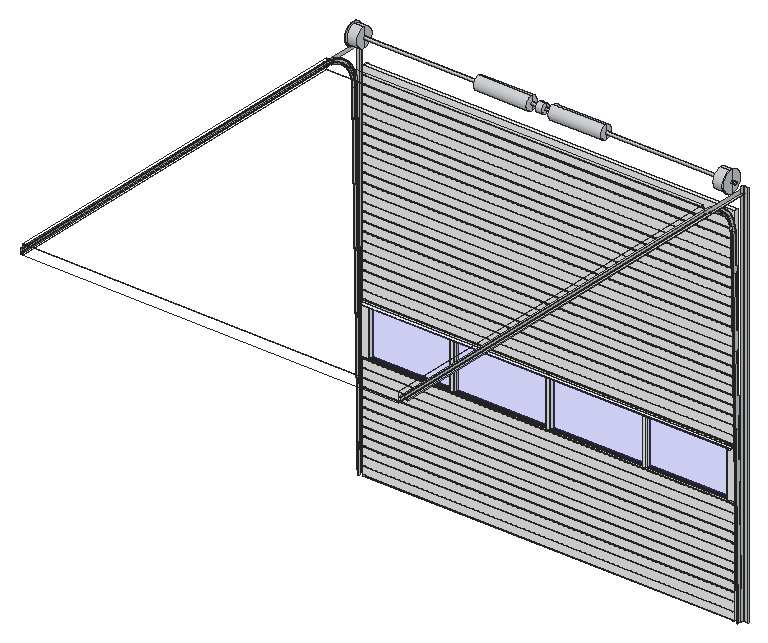
Revit family
Parameters (values of type "By Type")
  Windload = "Doors available rated for various design pressures; consult Clopay for avaialbility and specifications"
  VisSection6 = NumSections = 6  # no
  VisSection5 = NumSections > 4  # yes
  VisSection4 = NumSections > 3  # yes
  VisSection3 = NumSections > 2  # yes
  VisArray = NumSections > 6  # yes
  URL = "www.clopaydoor.com"
  Track Type = Track - Standard Lift : 15" Radius
  Track = "Galvanized steel (gauge varies according to door size)"
  Thickness = 0' - 2"  # constant formula
  Spec Wizard = "http://www.arcat.com/specwizard/08360clo/index.htm"
  Section Height = Height / NumSections  # 2' - 0"
  Section 5 Glazing = Section : Solid
  Section 4 Glazing = Section : Solid
  Section 3 Glazing = Full Vision Section : Intermediate
  Sales Information = "http://www.clopaydoor.com/where-to-buy.aspx?type=dealer"
  Rough Width = 0' - 0"  # constant formula
  Rough Height = 0' - 0"  # constant formula
  Roof Pitch = 0
  R-Value = "17.2"
  Product Features and Benefits = "http://www.clopaydoor.com/insulated-polyurethane-applications.aspx"
  Overlapping Jamb = yes
  Overlap = if(Overlapping Jamb, 0' 1", 0' 0")  # 0' - 1"
  Opening Width = 14' - 0"
  Opening Height = 14' - 0"
  Opener - Jackshaft Right Side = no
  Opener - Trolley = no
  Opener - Jackshaft Left Side = no
  Omniclass Table = "23-30 10 17 37 "
  NumSectionsNotRounded = Height / 2' 0"  # 7
  NumSections = NumSectionsNotRounded + 0.4999  # 7
  NumArraySections = if(NumSections > 6, NumSections - 5, 2)  # 2
  Model = "3720"
  Maximum Size = "Maximum 32' 2'' wide by 26' 0'' high. Additional limitations may apply do to door weight. Consult Clopay for specificiations and shop drawings."  # constant formula
  Manufacturer Website = "http://www.clopaydoor.com"
  Manufacturer Phone Number = "1-800-526-4301"
  Manufacturer Address = "1400 W. Market St., Troy, OH 45373"
  Manufacturer = "Clopay Building Products Company"
  LEED = "http://products.construction.com/swts_content_files/151607/303186.pdf"
  Keynote = "08 36 13"
  Interior Steel = "28 ga. galvanized, primed, and finish painted"
  High Lift = 4' - 0"
  Hardware = "14 ga. min. steel hinges; 10-ball steel rollers"
  GreenFormat = "http://www.greenformat.com/products/1536-Polyurethane%20Insulated%20Doors.rtf"
  Function = (empty or 0)
  Height = Opening Height + Rough Width * 0  # 14' - 0"
  Wall Closure = (empty or 0)
  Width = Opening Width + Rough Width * 0  # 14' - 0"
  FloorToSection7 = 6 * Section Height  # 12' - 0"
  FloorToSection6 = 5 * Section Height  # 10' - 0"
  FloorToSection5 = 4 * Section Height  # 8' - 0"
  FloorToSection4 = 3 * Section Height  # 6' - 0"
  FloorToSection3 = 2 * Section Height  # 4' - 0"
  FloorToSection2 = Section Height  # 2' - 0"
  File Revision = "02 (August, 2012)"
  Exterior Steel = "24 ga. galvanized, primed, and finish painted"
  Double Torsion Shaft = no
  Double End Stiles = Door Width > 14' 2"  # no
  Door Width = Opening Width + Overlap * 2  # 14' - 2"
  Door Height = Opening Height + Rough Width * 0  # 14' - 0"
  Description = "2'' thick polyurethane insulated, stucco embossed 24 gauge steel exterior with light ribbed pattern."
  Core Material = "Expanded polyurethane"
  Copyright = "2013, Clopay Building Products Company, Inc."
  Color = White
  CAD and Specifications = "http://www.clopaydoor.com/insulated-polyurethane-specs.aspx"
  Assembly Code = "B2030410"
Reference planes (in)
  plane 1 "Center (Front/Back)": y = 0
  plane 2 "Center (Left/Right)": x = 0
  plane 3 "Left": x = -84
  plane 4 "Right": x = 84
  plane 5 "Top": z = 168
  plane 6 "Exterior": y = 3
  plane 7 "Interior": y = -3
  plane 8: z = 120
  plane 9: z = 144
Lines and regions (in)
  Opening 1
    outline origin (-90, -3, 0) x (1, 0, 0) y (0, 0, 1)
      loop
        line (6, 0) -> (174, 0) -> (174, 168) -> (6, 168) -> (6, 0)
Text (in)
  text "Exterior" at (-74.96733, 27.31104, 0), in view "Ref. Level"
  text "Interior" at (-74.96733, -25.14366, 0), in view "Ref. Level"
  text "Exterior" at (0, 40.15149, 123.01588), in view "Right"
  text "Interior" at (0, -64.39139, 123.01588), in view "Right"
  text "Interior" at (0, -31.01599, 123.00693), in view "Left"
  text "Exterior" at (0, 54.57065, 123.00693), in view "Left"
Dimensions and locks (in)
  equal spacing: plane 3 "Left", plane 2 "Center (Left/Right)", plane 4 "Right"
  "Height": level to plane 5 "Top"
  "Width": plane 3 "Left" to plane 4 "Right"
  host wall to plane 5 "Top" = 14' - 0"
  nested 1 to plane 7 "Interior" = 0' - 0 1/2"
  "FloorToSection6": plane 8 to level
  "FloorToSection7": plane 9 to level
  group 1 to group 2 = 0' - 0"  (x2)
  group 1 to group 2 = 2' - 0"
  host wall to host wall = 67' - 6"
  aligned and locked: plane 3 "Left" to Opening 1 sketch curve
  aligned and locked: plane 5 "Top" to Opening 1 sketch curve
  aligned and locked: Opening 1 sketch curve to plane 5 "Top"
  aligned and locked: Opening 1 sketch curve to plane 4 "Right"
  aligned and locked: Opening 1 sketch curve to level
  aligned and locked: plane 6 "Exterior" to host wall
  aligned and locked: host wall to plane 7 "Interior"
  aligned and locked: plane 2 "Center (Left/Right)" to nested 2
  aligned and locked: plane 2 "Center (Left/Right)" to nested 3
  aligned and locked: plane 2 "Center (Left/Right)" to nested 4
  aligned and locked: plane 2 "Center (Left/Right)" to nested 5
  aligned and locked: plane 2 "Center (Left/Right)" to nested 7
  aligned and locked: nested 7 to plane 8
  aligned and locked: nested 8 to plane 9
  aligned and locked: plane 7 "Interior" to nested 2
  aligned and locked: plane 7 "Interior" to nested 7
  aligned and locked: host wall to nested 8
  aligned and locked: plane 7 "Interior" to nested 3
  aligned and locked: host wall to nested 3
  aligned and locked: plane 7 "Interior" to nested 1
  aligned and locked: nested 2 to host wall
  aligned and locked: plane 7 "Interior" to nested 6
  aligned and locked: plane 7 "Interior" to nested 5
  aligned and locked: host wall to nested 7
  aligned and locked: plane 7 "Interior" to nested 4
  aligned and locked: nested 11 to plane 2 "Center (Left/Right)"
Nested families (in)
  nested 1: "Section" at (0, 0, 0), type "Solid"
    with X9 0' - 7 1/2", X8 0' - 7 1/2", X7 0' - 7 1/2", X6 0' - 7 1/2", X5 0' - 7 1/2", X4 11' - 7 1/2", X3 7' - 11 1/2", X2 4' - 3 1/2", NumWindows 4, NumArrayedWindows 4, Half Door Width Neg -7' - 1", Half Door Width 7' - 1", X1 0' - 7 1/2", Door Width 14' - 2"
  nested 2: "Section" at (0, 0, 24), built-in parameter 1001364 <- "Section Height", type "Solid"
    with X9 0' - 7 1/2", X8 0' - 7 1/2", X7 0' - 7 1/2", X6 0' - 7 1/2", X5 0' - 7 1/2", X4 11' - 7 1/2", X3 7' - 11 1/2", X2 4' - 3 1/2", NumWindows 4, NumArrayedWindows 4, Half Door Width Neg -7' - 1", Half Door Width 7' - 1", X1 0' - 7 1/2", Door Width 14' - 2"
  nested 3: "Full Vision Section" at (0, 0, 48), type <- "Section 3 Glazing", built-in parameter 1001364 <- "FloorToSection3", visible <- "VisSection3", type "Intermediate"
    with SingleStileVis no, Rail Width 14' - 1 13/16", NumIntStiles 3, Half Rail Width 7' - 0 29/32", Half Door Width 7' - 1", Glass Width 14' - 0 13/16", Edge to 1st Int Stile 3' - 5", Door Width 14' - 2", ArrayStileVis yes, ArrayIntStiles 3
  nested 4: "Section" at (0, 0, 120), built-in parameter 1001364 <- "FloorToSection6", visible <- "VisSection6", type "Solid"
    with X9 0' - 7 1/2", X8 0' - 7 1/2", X7 0' - 7 1/2", X6 0' - 7 1/2", X5 0' - 7 1/2", X4 11' - 7 1/2", X3 7' - 11 1/2", X2 4' - 3 1/2", NumWindows 4, NumArrayedWindows 4, Half Door Width Neg -7' - 1", Half Door Width 7' - 1", X1 0' - 7 1/2", Door Width 14' - 2"
  nested 5: "Section" at (0, 0, 96), built-in parameter 1001364 <- "FloorToSection5", type <- "Section 5 Glazing", visible <- "VisSection5", type "Solid"
    with X9 0' - 7 1/2", X8 0' - 7 1/2", X7 0' - 7 1/2", X6 0' - 7 1/2", X5 0' - 7 1/2", X4 11' - 7 1/2", X3 7' - 11 1/2", X2 4' - 3 1/2", NumWindows 4, NumArrayedWindows 4, Half Door Width Neg -7' - 1", Half Door Width 7' - 1", X1 0' - 7 1/2", Door Width 14' - 2"
  nested 6: "Section" at (0, 0, 72), type <- "Section 4 Glazing", built-in parameter 1001364 <- "FloorToSection4", visible <- "VisSection4", type "Solid"
    with X9 0' - 7 1/2", X8 0' - 7 1/2", X7 0' - 7 1/2", X6 0' - 7 1/2", X5 0' - 7 1/2", X4 11' - 7 1/2", X3 7' - 11 1/2", X2 4' - 3 1/2", NumWindows 4, NumArrayedWindows 4, Half Door Width Neg -7' - 1", Half Door Width 7' - 1", X1 0' - 7 1/2", Door Width 14' - 2"
  nested 7: "Section" at (0, 0, 120), visible <- "VisArray", type "Solid"
    with X9 0' - 7 1/2", X8 0' - 7 1/2", X7 0' - 7 1/2", X6 0' - 7 1/2", X5 0' - 7 1/2", X4 11' - 7 1/2", X3 7' - 11 1/2", X2 4' - 3 1/2", NumWindows 4, NumArrayedWindows 4, Half Door Width Neg -7' - 1", Half Door Width 7' - 1", X1 0' - 7 1/2", Door Width 14' - 2"
  nested 8: "Section" at (0, 0, 144), visible <- "VisArray", type "Solid"
    with X9 0' - 7 1/2", X8 0' - 7 1/2", X7 0' - 7 1/2", X6 0' - 7 1/2", X5 0' - 7 1/2", X4 11' - 7 1/2", X3 7' - 11 1/2", X2 4' - 3 1/2", NumWindows 4, NumArrayedWindows 4, Half Door Width Neg -7' - 1", Half Door Width 7' - 1", X1 0' - 7 1/2", Door Width 14' - 2"
  nested 9: "Section" at (0, 4.67704, 636.93806), type "Windows - 24x8", not visible
    with X9 0' - 7 1/2", X8 0' - 7 1/2", X7 0' - 7 1/2", X6 0' - 7 1/2", X5 0' - 7 1/2", X4 11' - 7 1/2", X3 7' - 11 1/2", X2 4' - 3 1/2", NumWindows 4, NumArrayedWindows 4, Half Door Width Neg -7' - 1", Half Door Width 7' - 1", X1 0' - 7 1/2", Door Width 14' - 2"
  nested 10: "Section" at (0, 4.63986, 609.3176), type "Windows - 24x12", not visible
    with X9 0' - 7 1/2", X8 0' - 7 1/2", X7 0' - 7 1/2", X6 0' - 7 1/2", X5 0' - 7 1/2", X4 11' - 7 1/2", X3 7' - 11 1/2", X2 4' - 3 1/2", WindowSpacing 3' - 8", NumWindows 4, NumArrayedWindows 4, Half Door Width Neg -7' - 1", Half Door Width 7' - 1", X1 0' - 7 1/2", Door Width 14' - 2"
  nested 11: "Track - Standard Lift" at (0, 0, 0) x (-1, 0, 0) z (0, 0, 1), type <- "Track Type", type "15" Radius"
    with WallToRadiusCenter 1' - 9.33333", VerticalAngleLength 14' - 10", Vertical Track Length 13' - 4", TrackToTrack 14' - 4", Roof Pitch Deg 0.00°, Roof Pitch 0, HorizontalAngleLength -16' - 2.33333", Horizontal Track Length 14' - 6", FloorToTrolleyRail 15' - 8", FloorToShaftCL 15' - 2", FloorToJackShaft 15' - 5", Double Torsion Shaft no, Door Width 14' - 2", Door Height 14' - 0", CenterToLHTrack 7' - 2", HorizontalTrackAngle 90.00°, CenterToRHTrack -7' - 2", CenterToJackShaft 7' - 6"
Definition of nested family "Section"
  Parameters (values of type "Windows - 24x12")
    X9 = if(if(NumArrayedWindows < NumWindows, NumArrayedWindows + 1, NumWindows) < 9, X1, X8 + WindowSpacing)  # 0' - 4 1/2"
    X8 = if(if(NumArrayedWindows < NumWindows, NumArrayedWindows + 1, NumWindows) < 8, X1, X7 + WindowSpacing)  # 0' - 4 1/2"
    X7 = if(if(NumArrayedWindows < NumWindows, NumArrayedWindows + 1, NumWindows) < 7, X1, X6 + WindowSpacing)  # 0' - 4 1/2"
    X6 = if(if(NumArrayedWindows < NumWindows, NumArrayedWindows + 1, NumWindows) < 6, X1, X5 + WindowSpacing)  # 0' - 4 1/2"
    X5 = if(if(NumArrayedWindows < NumWindows, NumArrayedWindows + 1, NumWindows) < 5, X1, X4 + WindowSpacing)  # 0' - 4 1/2"
    X4 = if(if(NumArrayedWindows < NumWindows, NumArrayedWindows + 1, NumWindows) < 4, X1, X3 + WindowSpacing)  # 0' - 4 1/2"
    X3 = if(NumWindows < 3, X1, X2 + WindowSpacing)  # 7' - 0 1/2"
    X2 = if(NumWindows < 2, ((Door Width - (NumWindows - 1) * WindowSpacing) / 2 - Cutout Width / 2), ((Door Width - (NumWindows - 1) * WindowSpacing) / 2 - Cutout Width / 2) + WindowSpacing)  # 3' - 8 1/2"
    Windows = 37xx Window Array : 24x12
    WindowVis = yes
    WindowSpacing = if(and(Door Width < 10' 0", Door Width > 9' 2"), 3' 4", 3' 8")  # 3' - 4"
    WindowCutDepth = 0' - 2"
    Section Height = 2' - 0"
    RibSpacing = Section Height / (NumRibs + 1)  # 0' - 4"
    NumWindows = if(Door Width < 9' 4", 2, if(Door Width < 13' 4", 3, if(Door Width < 16' 4", 4, if(Door Width < 20' 4", 5, if(Door Width < 24' 4", 6, if(Door Width < 26' 4", 7, if(Door Width < 31' 8", 8, 10)))))))  # 3
    NumRibs = if(Section Height < 1' 9", 3, if(Section Height < 2' 0", 4, 5))  # 5
    NumArrayedWindows = if(X2 = X1, NumWindows - 2, NumWindows)  # 3
    Half Section Height = Section Height / 2  # 1' - 0"
    Half Door Width Neg = -Half Door Width  # -4' - 8"
    Half Door Width = Door Width / 2  # 4' - 8"
    Half Cutout Height = Cutout Height / 2  # 0' - 5 1/2"
    Function = (empty or 0)
    Height = 0' - 0"
    Wall Closure = (empty or 0)
    Width = 0' - 0"
    X1 = if(or(Door Width > 31' 6", and(Door Width > 26' 2", Door Width < 28' 1"), Door Width = 24' 3", Door Width = 24' 4", and(Door Width > 20' 2", Door Width < 20' 11"), and(Door Width > 16' 2", Door Width < 17' 3")), X2, (Door Width - (NumWindows - 1) * WindowSpacing) / 2 - Cutout Width / 2)  # 0' - 4 1/2"
    Door Width = 9' - 4"
    CutoutToCutout = 1' - 0"
    Cutout Width = 1' - 11"
    Cutout Height = 0' - 11"
    Color = White
    BtmTo1stRib = RibSpacing  # 0' - 4"
    Assembly Code = ""
  Types (3): name | X7 | X6 | X5 | X4 | X3 | X2 | Windows | WindowVis | WindowSpacing | WindowCutDepth | NumWindows | NumArrayedWindows | Half Door Width Neg | Half Door Width | Half Cutout Height | Door Width | Cutout Height
    Windows - 24x12 | 0' - 4 1/2" | 0' - 4 1/2" | 0' - 4 1/2" | 0' - 4 1/2" | 7' - 0 1/2" | 3' - 8 1/2" | 37xx Window Array : 24x12 | yes | 3' - 4" | 0' - 2" | 3 | 3 | -4' - 8" | 4' - 8" | 0' - 5 1/2" | 9' - 4" | 0' - 11"
    Windows - 24x8 | 22' - 4 1/2" | 18' - 8 1/2" | 15' - 0 1/2" | 11' - 4 1/2" | 7' - 8 1/2" | 4' - 0 1/2" | 37xx Window Array : 24x8 | yes | 3' - 8" | 0' - 2" | 7 | 7 | -12' - 4" | 12' - 4" | 0' - 3 1/2" | 24' - 8" | 0' - 7"
    Solid | 22' - 4 1/2" | 18' - 8 1/2" | 15' - 0 1/2" | 11' - 4 1/2" | 7' - 8 1/2" | 4' - 0 1/2" | 37xx Window Array : 24x8 | no | 3' - 8" | -0' - 0 13/128" | 7 | 7 | -12' - 4" | 12' - 4" | 0' - 3 1/2" | 24' - 8" | 0' - 7"
  Reference planes (in)
    plane 1 "Center (Front/Back)": y = 0
    plane 2 "Center (Left/Right)": x = 0
    plane 3 "Exterior": y = 3
    plane 4 "Interior": y = -3
    plane 5: y = -3.5
    plane 6: x = 56
    plane 7: x = -56
    plane 8: z = 4
    plane 9: z = 8
    plane 10: z = 24
    plane 11: z = 12
    plane 12: z = 0
  Forms (in)
    Extrusion 1, solid, material "White" <- "Color"
      sketch origin (-56, -12, 83.08252) x (0, 0, 1) y (0, -1, 0)
        loop
          line (-59.08252, -8.37573) -> (-59.08252, -6.62444)
          arc (-59.08252, -6.62444) -> (-59.11897, -6.53645) -> (-59.20696, -6.5) r 0.12444
          line (-59.20696, -6.5) -> (-82.95809, -6.5)
          arc (-82.95809, -6.5) -> (-83.04608, -6.53645) -> (-83.08252, -6.62444) r 0.12444
          line (-83.08252, -6.62444) -> (-83.08252, -8.37573)
          arc (-83.08252, -8.37573) -> (-83.04612, -8.4636) -> (-82.95825, -8.5) r 0.12427
          line (-82.95825, -8.5) -> (-59.20679, -8.5)
          arc (-59.20679, -8.5) -> (-59.11892, -8.4636) -> (-59.08252, -8.37573) r 0.12427
      from 0 to 112 <- "Door Width"
    Extrusion 2, void
      sketch origin (0, 0, -0.5) x (0, -1, 0) y (0, 0, 1)
        loop
          line (3.5, 4.62727) -> (3.5, 4.37273) -> (3.53032, 4.41942)
          arc (3.53032, 4.41942) -> (3.53753, 4.43506) -> (3.54, 4.4521) r 0.06
          line (3.54, 4.4521) -> (3.54, 4.5479)
          arc (3.54, 4.5479) -> (3.53753, 4.56494) -> (3.53032, 4.58058) r 0.06
          line (3.53032, 4.58058) -> (3.5, 4.62727)
      from -56 <- "Half Door Width Neg" to 112 <- "Door Width"
    Extrusion 3, void
      sketch origin (0, 0, 3.5) x (0, -1, 0) y (0, 0, 1)
        loop
          line (3.5, 4.62727) -> (3.5, 4.37273) -> (3.53032, 4.41942)
          arc (3.53032, 4.41942) -> (3.53753, 4.43506) -> (3.54, 4.4521) r 0.06
          line (3.54, 4.4521) -> (3.54, 4.5479)
          arc (3.54, 4.5479) -> (3.53753, 4.56494) -> (3.53032, 4.58058) r 0.06
          line (3.53032, 4.58058) -> (3.5, 4.62727)
      from -56 <- "Half Door Width Neg" to 112 <- "Door Width"
    Extrusion 4, void
      sketch origin (0, 0, 7.5) x (0, -1, 0) y (0, 0, 1)
        loop
          line (3.5, 4.62727) -> (3.5, 4.37273) -> (3.53032, 4.41942)
          arc (3.53032, 4.41942) -> (3.53753, 4.43506) -> (3.54, 4.4521) r 0.06
          line (3.54, 4.4521) -> (3.54, 4.5479)
          arc (3.54, 4.5479) -> (3.53753, 4.56494) -> (3.53032, 4.58058) r 0.06
          line (3.53032, 4.58058) -> (3.5, 4.62727)
      from -56 <- "Half Door Width Neg" to 112 <- "Door Width"
    Extrusion 5, void
      sketch origin (0, -8.99984, -0.5) x (0, 1, 0) y (0, 0, -1)
        loop
          line (3.5, -4.62727) -> (3.53032, -4.58058)
          arc (3.53032, -4.58058) -> (3.53753, -4.56494) -> (3.54, -4.5479) r 0.06
          line (3.54, -4.5479) -> (3.54, -4.4521)
          arc (3.54, -4.4521) -> (3.53753, -4.43506) -> (3.53032, -4.41942) r 0.06
          line (3.53032, -4.41942) -> (3.5, -4.37273) -> (3.5, -4.62727)
      from -56 <- "Half Door Width Neg" to 112 <- "Door Width"
    Extrusion 6, void
      sketch origin (0, -8.99984, 3.5) x (0, 1, 0) y (0, 0, -1)
        loop
          line (3.5, -4.62727) -> (3.53032, -4.58058)
          arc (3.53032, -4.58058) -> (3.53753, -4.56494) -> (3.54, -4.5479) r 0.06
          line (3.54, -4.5479) -> (3.54, -4.4521)
          arc (3.54, -4.4521) -> (3.53753, -4.43506) -> (3.53032, -4.41942) r 0.06
          line (3.53032, -4.41942) -> (3.5, -4.37273) -> (3.5, -4.62727)
      from -56 <- "Half Door Width Neg" to 112 <- "Door Width"
    Extrusion 7, void
      sketch origin (0, -8.99984, 7.5) x (0, 1, 0) y (0, 0, -1)
        loop
          line (3.5, -4.62727) -> (3.53032, -4.58058)
          arc (3.53032, -4.58058) -> (3.53753, -4.56494) -> (3.54, -4.5479) r 0.06
          line (3.54, -4.5479) -> (3.54, -4.4521)
          arc (3.54, -4.4521) -> (3.53753, -4.43506) -> (3.53032, -4.41942) r 0.06
          line (3.53032, -4.41942) -> (3.5, -4.37273) -> (3.5, -4.62727)
      from -56 <- "Half Door Width Neg" to 112 <- "Door Width"
    Extrusion 8, void
      sketch origin (-98.15385, -3.5, 48) x (1, 0, 0) y (0, 0, 1)
        loop
          line (149.65385, -30.5) -> (126.65385, -30.5) -> (126.65385, -36) -> (149.65385, -36) -> (149.65385, -30.5)
      from 0 to 2 <- "WindowCutDepth"
    Extrusion 9, void
      sketch origin (-98.15385, -3.5, -24) x (1, 0, 0) y (0, 0, 1)
        loop
          line (149.65385, 30.5) -> (149.65385, 36) -> (126.65385, 36) -> (126.65385, 30.5) -> (149.65385, 30.5)
      from 0 to 2 <- "WindowCutDepth"
    Extrusion 10, void
      sketch origin (-136.15385, -3.5, 48) x (1, 0, 0) y (0, 0, 1)
        loop
          line (147.65385, -30.5) -> (124.65385, -30.5) -> (124.65385, -36) -> (147.65385, -36) -> (147.65385, -30.5)
      from 0 to 2 <- "WindowCutDepth"
    Extrusion 11, void
      sketch origin (-136.15385, -3.5, -24) x (1, 0, 0) y (0, 0, 1)
        loop
          line (147.65385, 30.5) -> (147.65385, 36) -> (124.65385, 36) -> (124.65385, 30.5) -> (147.65385, 30.5)
      from 0 to 2 <- "WindowCutDepth"
    Extrusion 12, void
      sketch origin (-171.15385, -3.5, 48) x (1, 0, 0) y (0, 0, 1)
        loop
          line (142.65385, -30.5) -> (119.65385, -30.5) -> (119.65385, -36) -> (142.65385, -36) -> (142.65385, -30.5)
      from 0 to 2 <- "WindowCutDepth"
    Extrusion 13, void
      sketch origin (-171.15385, -3.5, -24) x (1, 0, 0) y (0, 0, 1)
        loop
          line (142.65385, 30.5) -> (142.65385, 36) -> (119.65385, 36) -> (119.65385, 30.5) -> (142.65385, 30.5)
      from 0 to 2 <- "WindowCutDepth"
    Extrusion 14, void
      sketch origin (-214.15385, -3.5, 48) x (1, 0, 0) y (0, 0, 1)
        loop
          line (265.65385, -30.5) -> (242.65385, -30.5) -> (242.65385, -36) -> (265.65385, -36) -> (265.65385, -30.5)
      from 0 to 2 <- "WindowCutDepth"
    Extrusion 15, void
      sketch origin (-214.15385, -3.5, -24) x (1, 0, 0) y (0, 0, 1)
        loop
          line (265.65385, 30.5) -> (265.65385, 36) -> (242.65385, 36) -> (242.65385, 30.5) -> (265.65385, 30.5)
      from 0 to 2 <- "WindowCutDepth"
    Extrusion 16, void
      sketch origin (-256.15385, -3.5, 48) x (1, 0, 0) y (0, 0, 1)
        loop
          line (307.65385, -30.5) -> (284.65385, -30.5) -> (284.65385, -36) -> (307.65385, -36) -> (307.65385, -30.5)
      from 0 to 2 <- "WindowCutDepth"
    Extrusion 17, void
      sketch origin (-256.15385, -3.5, -24) x (1, 0, 0) y (0, 0, 1)
        loop
          line (307.65385, 30.5) -> (307.65385, 36) -> (284.65385, 36) -> (284.65385, 30.5) -> (307.65385, 30.5)
      from 0 to 2 <- "WindowCutDepth"
    Extrusion 18, void
      sketch origin (-294.15385, -3.5, 48) x (1, 0, 0) y (0, 0, 1)
        loop
          line (345.65385, -30.5) -> (322.65385, -30.5) -> (322.65385, -36) -> (345.65385, -36) -> (345.65385, -30.5)
      from 0 to 2 <- "WindowCutDepth"
    Extrusion 19, void
      sketch origin (-294.15385, -3.5, -24) x (1, 0, 0) y (0, 0, 1)
        loop
          line (345.65385, 30.5) -> (345.65385, 36) -> (322.65385, 36) -> (322.65385, 30.5) -> (345.65385, 30.5)
      from 0 to 2 <- "WindowCutDepth"
    Extrusion 20, void
      sketch origin (-331.15385, -3.5, 48) x (1, 0, 0) y (0, 0, 1)
        loop
          line (382.65385, -30.5) -> (359.65385, -30.5) -> (359.65385, -36) -> (382.65385, -36) -> (382.65385, -30.5)
      from 0 to 2 <- "WindowCutDepth"
    Extrusion 21, void
      sketch origin (-331.15385, -3.5, -24) x (1, 0, 0) y (0, 0, 1)
        loop
          line (382.65385, 30.5) -> (382.65385, 36) -> (359.65385, 36) -> (359.65385, 30.5) -> (382.65385, 30.5)
      from 0 to 2 <- "WindowCutDepth"
    Extrusion 22, void
      sketch origin (-368.15385, -3.5, 48) x (1, 0, 0) y (0, 0, 1)
        loop
          line (419.65385, -30.5) -> (396.65385, -30.5) -> (396.65385, -36) -> (419.65385, -36) -> (419.65385, -30.5)
      from 0 to 2 <- "WindowCutDepth"
    Extrusion 23, void
      sketch origin (-368.15385, -3.5, -24) x (1, 0, 0) y (0, 0, 1)
        loop
          line (419.65385, 30.5) -> (419.65385, 36) -> (396.65385, 36) -> (396.65385, 30.5) -> (419.65385, 30.5)
      from 0 to 2 <- "WindowCutDepth"
    Extrusion 24, void
      sketch origin (-407.15385, -3.5, 48) x (1, 0, 0) y (0, 0, 1)
        loop
          line (458.65385, -30.5) -> (435.65385, -30.5) -> (435.65385, -36) -> (458.65385, -36) -> (458.65385, -30.5)
      from 0 to 2 <- "WindowCutDepth"
    Extrusion 25, void
      sketch origin (-407.15385, -3.5, -24) x (1, 0, 0) y (0, 0, 1)
        loop
          line (458.65385, 30.5) -> (458.65385, 36) -> (435.65385, 36) -> (435.65385, 30.5) -> (458.65385, 30.5)
      from 0 to 2 <- "WindowCutDepth"
    Extrusion 26, void
      sketch origin (0, 0, 11.5) x (0, -1, 0) y (0, 0, 1)
        loop
          line (3.5, 4.62727) -> (3.5, 4.37273) -> (3.53032, 4.41942)
          arc (3.53032, 4.41942) -> (3.53753, 4.43506) -> (3.54, 4.4521) r 0.06
          line (3.54, 4.4521) -> (3.54, 4.5479)
          arc (3.54, 4.5479) -> (3.53753, 4.56494) -> (3.53032, 4.58058) r 0.06
          line (3.53032, 4.58058) -> (3.5, 4.62727)
      from -56 <- "Half Door Width Neg" to 112 <- "Door Width"
    Extrusion 27, void
      sketch origin (0, -8.99984, 11.5) x (0, 1, 0) y (0, 0, -1)
        loop
          line (3.5, -4.62727) -> (3.53032, -4.58058)
          arc (3.53032, -4.58058) -> (3.53753, -4.56494) -> (3.54, -4.5479) r 0.06
          line (3.54, -4.5479) -> (3.54, -4.4521)
          arc (3.54, -4.4521) -> (3.53753, -4.43506) -> (3.53032, -4.41942) r 0.06
          line (3.53032, -4.41942) -> (3.5, -4.37273) -> (3.5, -4.62727)
      from -56 <- "Half Door Width Neg" to 112 <- "Door Width"
    Extrusion 28, void
      sketch origin (0, 0, 15.5) x (0, -1, 0) y (0, 0, 1)
        loop
          line (3.5, 4.62727) -> (3.5, 4.37273) -> (3.53032, 4.41942)
          arc (3.53032, 4.41942) -> (3.53753, 4.43506) -> (3.54, 4.4521) r 0.06
          line (3.54, 4.4521) -> (3.54, 4.5479)
          arc (3.54, 4.5479) -> (3.53753, 4.56494) -> (3.53032, 4.58058) r 0.06
          line (3.53032, 4.58058) -> (3.5, 4.62727)
      from -56 <- "Half Door Width Neg" to 112 <- "Door Width"
    Extrusion 29, void
      sketch origin (0, -8.99984, 15.5) x (0, 1, 0) y (0, 0, -1)
        loop
          line (3.5, -4.62727) -> (3.53032, -4.58058)
          arc (3.53032, -4.58058) -> (3.53753, -4.56494) -> (3.54, -4.5479) r 0.06
          line (3.54, -4.5479) -> (3.54, -4.4521)
          arc (3.54, -4.4521) -> (3.53753, -4.43506) -> (3.53032, -4.41942) r 0.06
          line (3.53032, -4.41942) -> (3.5, -4.37273) -> (3.5, -4.62727)
      from -56 <- "Half Door Width Neg" to 112 <- "Door Width"
  Cuts and joins
    Extrusion 2, Extrusion 3, Extrusion 4, Extrusion 5, Extrusion 6, Extrusion 7, Extrusion 8, Extrusion 9, Extrusion 10, Extrusion 11, Extrusion 12, Extrusion 13, Extrusion 14, Extrusion 15, Extrusion 16, Extrusion 17, Extrusion 18, Extrusion 19, Extrusion 20, Extrusion 21, Extrusion 22, Extrusion 23, Extrusion 24, Extrusion 25, Extrusion 26, Extrusion 27, Extrusion 28, Extrusion 29 cuts Extrusion 1
  Lines and regions (in)
    reference lines
      curve 1: line (-72, -3.54, 4) -> (-72, -3.5, 4)
      curve 2: line (-72, -5.45984, 4) -> (-72, -5.49984, 4)
      curve 3: line (-72, -3.54, 8) -> (-72, -3.5, 8)
      curve 4: line (-72, -3.54, 12) -> (-72, -3.5, 12)
      curve 5: line (-72, -5.45984, 4) -> (-72, -5.49984, 4)
      curve 6: line (-72, -5.45984, 8) -> (-72, -5.49984, 8)
      curve 7: line (-72, -5.45984, 12) -> (-72, -5.49984, 12)
      curve 8: line (-72, -3.54, 16) -> (-72, -3.5, 16)
      curve 9: line (-72, -5.45984, 16) -> (-72, -5.49984, 16)
      curve 10: line (-72, -3.54, 20) -> (-72, -3.5, 20)
      curve 11: line (-72, -5.45984, 20) -> (-72, -5.49984, 20)
  Text (in)
    text "Exterior" at (-74.96733, 27.31104, 0), in view "Ref. Level"
    text "Interior" at (-74.96733, -25.14366, 0), in view "Ref. Level"
    text "Exterior" at (0, 40.15149, 123.01588), in view "Right"
    text "Interior" at (0, -64.39139, 123.01588), in view "Right"
    text "Interior" at (0, -31.01599, 123.00693), in view "Left"
    text "Exterior" at (0, 54.57065, 123.00693), in view "Left"
  Dimensions and locks (in)
    plane 4 "Interior" to plane 5 = 0' - 0 1/2"
    "Half Door Width": plane 2 "Center (Left/Right)" to plane 7
    "Half Door Width": plane 6 to plane 2 "Center (Left/Right)"
    Extrusion 1 sketch curve to Extrusion 1 sketch curve = 0' - 2"
    Extrusion 2 sketch curve to Extrusion 2 sketch curve = 0' - 0.25454"
    Extrusion 2 sketch curve to Extrusion 2 sketch curve = 0' - 0.04"  (x2)
    "BtmTo1stRib": plane 8 to level
    curve 1 to Extrusion 2 sketch curve = 0' - 0.12727"
    "RibSpacing": plane 9 to plane 8
    "Section Height": plane 10 to level
    Extrusion 3 sketch curve to Extrusion 3 sketch curve = 0' - 0.25454"
    Extrusion 3 sketch curve to Extrusion 3 sketch curve = 0' - 0.04"  (x2)
    curve 3 to Extrusion 3 sketch curve = 0' - 0.12727"
    equal spacing: group 1, group 2, group 3, group 4, group 5  (x3)
    Extrusion 4 sketch curve to Extrusion 4 sketch curve = 0' - 0.25454"
    Extrusion 4 sketch curve to Extrusion 4 sketch curve = 0' - 0.04"  (x2)
    curve 4 to Extrusion 4 sketch curve = 0' - 0.12727"
    Extrusion 5 sketch curve to Extrusion 5 sketch curve = 0' - 0.25454"
    Extrusion 5 sketch curve to Extrusion 5 sketch curve = 0' - 0.04"  (x2)
    Extrusion 5 sketch curve to curve 5 = 0' - 0.12727"
    Extrusion 6 sketch curve to Extrusion 6 sketch curve = 0' - 0.25454"
    Extrusion 6 sketch curve to Extrusion 6 sketch curve = 0' - 0.04"  (x2)
    Extrusion 6 sketch curve to curve 6 = 0' - 0.12727"
    Extrusion 7 sketch curve to Extrusion 7 sketch curve = 0' - 0.25454"
    Extrusion 7 sketch curve to Extrusion 7 sketch curve = 0' - 0.04"  (x2)
    Extrusion 7 sketch curve to curve 7 = 0' - 0.12727"
    "Half Section Height": level to plane 11
    "Cutout Width": Extrusion 8 sketch curve to Extrusion 8 sketch curve
    "Half Cutout Height": Extrusion 8 sketch curve to Extrusion 8 sketch curve
    "Cutout Width": Extrusion 9 sketch curve to Extrusion 9 sketch curve
    "Half Cutout Height": Extrusion 9 sketch curve to Extrusion 9 sketch curve
    "X1": cut or joined group 1 (Extrusion 1, Extrusion 2, Extrusion 3, Extrusion 4, Extrusion 5, Extrusion 6, Extrusion 7, Extrusion 8, Extrusion 9, Extrusion 10, Extrusion 11, Extrusion 12, Extrusion 13, Extrusion 14, Extrusion 15, Extrusion 16, Extrusion 17, Extrusion 18, Extrusion 19, Extrusion 20, Extrusion 21, Extrusion 22, Extrusion 23, Extrusion 24, Extrusion 25, Extrusion 26, Extrusion 27, Extrusion 28, Extrusion 29) to cut or joined group 1
    "Cutout Width": Extrusion 10 sketch curve to Extrusion 10 sketch curve
    "Half Cutout Height": Extrusion 10 sketch curve to Extrusion 10 sketch curve
    "Cutout Width": Extrusion 11 sketch curve to Extrusion 11 sketch curve
    "Half Cutout Height": Extrusion 11 sketch curve to Extrusion 11 sketch curve
    "Cutout Width": Extrusion 12 sketch curve to Extrusion 12 sketch curve
    "Half Cutout Height": Extrusion 12 sketch curve to Extrusion 12 sketch curve
    "Cutout Width": Extrusion 13 sketch curve to Extrusion 13 sketch curve
    "Half Cutout Height": Extrusion 13 sketch curve to Extrusion 13 sketch curve
    "X2": plane 6 to cut or joined group 1
    "X3": plane 6 to cut or joined group 1
    "Cutout Width": Extrusion 14 sketch curve to Extrusion 14 sketch curve
    "Half Cutout Height": Extrusion 14 sketch curve to Extrusion 14 sketch curve
    "Cutout Width": Extrusion 15 sketch curve to Extrusion 15 sketch curve
    "Half Cutout Height": Extrusion 15 sketch curve to Extrusion 15 sketch curve
    "Cutout Width": Extrusion 16 sketch curve to Extrusion 16 sketch curve
    "Half Cutout Height": Extrusion 16 sketch curve to Extrusion 16 sketch curve
    "Cutout Width": Extrusion 17 sketch curve to Extrusion 17 sketch curve
    "Half Cutout Height": Extrusion 17 sketch curve to Extrusion 17 sketch curve
    "Cutout Width": Extrusion 18 sketch curve to Extrusion 18 sketch curve
    "Half Cutout Height": Extrusion 18 sketch curve to Extrusion 18 sketch curve
    "Cutout Width": Extrusion 19 sketch curve to Extrusion 19 sketch curve
    "Half Cutout Height": Extrusion 19 sketch curve to Extrusion 19 sketch curve
    "Cutout Width": Extrusion 20 sketch curve to Extrusion 20 sketch curve
    "Half Cutout Height": Extrusion 20 sketch curve to Extrusion 20 sketch curve
    "Cutout Width": Extrusion 21 sketch curve to Extrusion 21 sketch curve
    "Half Cutout Height": Extrusion 21 sketch curve to Extrusion 21 sketch curve
    "Cutout Width": Extrusion 22 sketch curve to Extrusion 22 sketch curve
    "Half Cutout Height": Extrusion 22 sketch curve to Extrusion 22 sketch curve
    "Cutout Width": Extrusion 23 sketch curve to Extrusion 23 sketch curve
    "Half Cutout Height": Extrusion 23 sketch curve to Extrusion 23 sketch curve
    "Cutout Width": Extrusion 24 sketch curve to Extrusion 24 sketch curve
    "Half Cutout Height": Extrusion 24 sketch curve to Extrusion 24 sketch curve
    "Cutout Width": Extrusion 25 sketch curve to Extrusion 25 sketch curve
    "Half Cutout Height": Extrusion 25 sketch curve to Extrusion 25 sketch curve
    "X4": plane 6 to cut or joined group 1
    "X5": plane 6 to cut or joined group 1
    "X6": plane 6 to cut or joined group 1
    "X7": plane 6 to cut or joined group 1
    "X8": plane 6 to cut or joined group 1
    "X9": plane 6 to cut or joined group 1
    locked: nested 1 to cut or joined group 1 at 1  (x2)
    locked: nested 1 to cut or joined group 1 at 0.125
    Extrusion 26 sketch curve to Extrusion 26 sketch curve = 0' - 0.25454"
    Extrusion 26 sketch curve to Extrusion 26 sketch curve = 0' - 0.04"  (x2)
    curve 8 to Extrusion 26 sketch curve = 0' - 0.12727"
    Extrusion 27 sketch curve to Extrusion 27 sketch curve = 0' - 0.25454"
    Extrusion 27 sketch curve to Extrusion 27 sketch curve = 0' - 0.04"  (x2)
    Extrusion 27 sketch curve to curve 9 = 0' - 0.12727"
    Extrusion 28 sketch curve to Extrusion 28 sketch curve = 0' - 0.25454"
    Extrusion 28 sketch curve to Extrusion 28 sketch curve = 0' - 0.04"  (x2)
    curve 10 to Extrusion 28 sketch curve = 0' - 0.12727"
    Extrusion 29 sketch curve to Extrusion 29 sketch curve = 0' - 0.25454"
    Extrusion 29 sketch curve to Extrusion 29 sketch curve = 0' - 0.04"  (x2)
    Extrusion 29 sketch curve to curve 11 = 0' - 0.12727"
    locked: plane 4 "Interior" to cut or joined group 1 at 0.5
    radius of Extrusion 1 sketch curve = 0' - 0.12427"  (x2)
    radius of Extrusion 1 sketch curve = 0' - 0.12444"  (x2)
    angle Extrusion 2 sketch curve to Extrusion 2 sketch curve = 147.00°  (x2)
    angle Extrusion 3 sketch curve to Extrusion 3 sketch curve = 147.00°  (x2)
    angle Extrusion 4 sketch curve to Extrusion 4 sketch curve = 147.00°  (x2)
    angle Extrusion 5 sketch curve to Extrusion 5 sketch curve = 147.00°  (x2)
    angle Extrusion 6 sketch curve to Extrusion 6 sketch curve = 147.00°  (x2)
    angle Extrusion 7 sketch curve to Extrusion 7 sketch curve = 147.00°  (x2)
    angle Extrusion 26 sketch curve to Extrusion 26 sketch curve = 147.00°  (x2)
    angle Extrusion 27 sketch curve to Extrusion 27 sketch curve = 147.00°  (x2)
    angle Extrusion 28 sketch curve to Extrusion 28 sketch curve = 147.00°  (x2)
    angle Extrusion 29 sketch curve to Extrusion 29 sketch curve = 147.00°  (x2)
    aligned and locked: Extrusion 1 sketch curve to plane 5
    aligned and locked: plane 8 to curve 1
    aligned and locked: plane 9 to curve 3
    aligned and locked: Extrusion 8 sketch curve to plane 11
    aligned and locked: plane 11 to Extrusion 9 sketch curve
    aligned and locked: cut or joined group 1 to cut or joined group 1  (x9)
    aligned and locked: plane 12 to level
  Automatic sketch dimensions
    curve 2 to curve 1 = 0' - 1.91984"
    curve 1 to curve 1 = 0' - 0.04"  (x2)
    curve 1 to curve 2 = 0' - 1.91984"
    curve 2 to curve 2 = 0' - 0.04"  (x2)
    Extrusion 2 sketch curve to Extrusion 2 sketch curve = 0' - 0"
    Extrusion 2 sketch curve to Extrusion 2 sketch curve = 0' - 0.02"
    Extrusion 2 sketch curve to Extrusion 2 sketch curve = 0' - 0.00968"  (x2)
    curve 5 to curve 1 = 0' - 0"
    curve 1 to curve 5 = 0' - 1.91984"
    curve 5 to curve 5 = 0' - 0.04"
    Extrusion 5 sketch curve to Extrusion 5 sketch curve = 0' - 0"
    Extrusion 5 sketch curve to Extrusion 5 sketch curve = 0' - 0.02"
    Extrusion 5 sketch curve to Extrusion 5 sketch curve = 0' - 0.00968"  (x2)
    Extrusion 3 sketch curve to Extrusion 3 sketch curve = 0' - 0"
    Extrusion 3 sketch curve to Extrusion 3 sketch curve = 0' - 0.02"
    Extrusion 3 sketch curve to Extrusion 3 sketch curve = 0' - 0.00968"  (x2)
    curve 6 to curve 3 = 0' - 0"
    curve 3 to curve 3 = 0' - 0.04"
    curve 3 to curve 6 = 0' - 1.91984"
    curve 6 to curve 6 = 0' - 0.04"
    Extrusion 4 sketch curve to Extrusion 4 sketch curve = 0' - 0"
    Extrusion 4 sketch curve to Extrusion 4 sketch curve = 0' - 0.02"
    Extrusion 4 sketch curve to Extrusion 4 sketch curve = 0' - 0.00968"  (x2)
    curve 7 to curve 4 = 0' - 0"
    curve 4 to curve 4 = 0' - 0.04"
    curve 4 to curve 7 = 0' - 1.91984"
    curve 7 to curve 7 = 0' - 0.04"
    Extrusion 7 sketch curve to Extrusion 7 sketch curve = 0' - 0.00968"
    Extrusion 6 sketch curve to Extrusion 6 sketch curve = 0' - 0.00968"
    curve 2 to plane 8 = 0' - 0"
    curve 2 to plane 5 = 0' - 1.95984"
    Extrusion 8 sketch curve to plane 6 = 2' - 3 1/2"
    Extrusion 9 sketch curve to plane 6 = 2' - 3 1/2"
    Extrusion 10 sketch curve to plane 11 = 0' - 0"
    Extrusion 10 sketch curve to plane 6 = 5' - 7 1/2"
    Extrusion 11 sketch curve to plane 11 = 0' - 0"
    Extrusion 11 sketch curve to plane 6 = 5' - 7 1/2"
    Extrusion 12 sketch curve to plane 11 = 0' - 0"
    Extrusion 12 sketch curve to plane 6 = 8' - 11 1/2"
    Extrusion 13 sketch curve to plane 11 = 0' - 0"
    Extrusion 13 sketch curve to plane 6 = 8' - 11 1/2"
    Extrusion 14 sketch curve to plane 11 = 0' - 0"
    plane 2 "Center (Left/Right)" to Extrusion 14 sketch curve = 2' - 4 1/2"
    Extrusion 15 sketch curve to plane 11 = 0' - 0"
    plane 2 "Center (Left/Right)" to Extrusion 15 sketch curve = 2' - 4 1/2"
    Extrusion 16 sketch curve to plane 11 = 0' - 0"
    plane 2 "Center (Left/Right)" to Extrusion 16 sketch curve = 2' - 4 1/2"
    Extrusion 17 sketch curve to plane 11 = 0' - 0"
    plane 2 "Center (Left/Right)" to Extrusion 17 sketch curve = 2' - 4 1/2"
    Extrusion 18 sketch curve to plane 11 = 0' - 0"
    plane 2 "Center (Left/Right)" to Extrusion 18 sketch curve = 2' - 4 1/2"
    Extrusion 19 sketch curve to plane 11 = 0' - 0"
    plane 2 "Center (Left/Right)" to Extrusion 19 sketch curve = 2' - 4 1/2"
    Extrusion 20 sketch curve to plane 11 = 0' - 0"
    plane 2 "Center (Left/Right)" to Extrusion 20 sketch curve = 2' - 4 1/2"
    Extrusion 21 sketch curve to plane 11 = 0' - 0"
    plane 2 "Center (Left/Right)" to Extrusion 21 sketch curve = 2' - 4 1/2"
    Extrusion 22 sketch curve to plane 11 = 0' - 0"
    plane 7 to Extrusion 22 sketch curve = 7' - 0 1/2"
    Extrusion 23 sketch curve to plane 11 = 0' - 0"
    plane 7 to Extrusion 23 sketch curve = 7' - 0 1/2"
    Extrusion 24 sketch curve to plane 11 = 0' - 0"
    plane 7 to Extrusion 24 sketch curve = 7' - 0 1/2"
    Extrusion 25 sketch curve to plane 11 = 0' - 0"
    plane 7 to Extrusion 25 sketch curve = 7' - 0 1/2"
    Extrusion 1 sketch curve to plane 10 = 0' - 0"
    Extrusion 1 sketch curve to level = 0' - 0"
    Extrusion 26 sketch curve to Extrusion 26 sketch curve = 0' - 0"
    Extrusion 26 sketch curve to Extrusion 26 sketch curve = 0' - 0.02"
    Extrusion 26 sketch curve to Extrusion 26 sketch curve = 0' - 0.00968"  (x2)
    curve 9 to curve 8 = 0' - 0"
    curve 8 to curve 8 = 0' - 0.04"
    curve 8 to curve 9 = 0' - 1.91984"
    curve 9 to curve 9 = 0' - 0.04"
    Extrusion 27 sketch curve to Extrusion 27 sketch curve = 0' - 0"
    Extrusion 27 sketch curve to Extrusion 27 sketch curve = 0' - 0.02"
    Extrusion 27 sketch curve to Extrusion 27 sketch curve = 0' - 0.00968"  (x2)
    Extrusion 28 sketch curve to Extrusion 28 sketch curve = 0' - 0"
    Extrusion 28 sketch curve to Extrusion 28 sketch curve = 0' - 0.02"
    Extrusion 28 sketch curve to Extrusion 28 sketch curve = 0' - 0.00968"  (x2)
    curve 11 to curve 10 = 0' - 0"
    curve 10 to curve 10 = 0' - 0.04"
    curve 10 to curve 11 = 0' - 1.91984"
    curve 11 to curve 11 = 0' - 0.04"
    Extrusion 29 sketch curve to Extrusion 29 sketch curve = 0' - 0"
    Extrusion 29 sketch curve to Extrusion 29 sketch curve = 0' - 0.02"
    Extrusion 29 sketch curve to Extrusion 29 sketch curve = 0' - 0.00968"  (x2)
  Nested families (in)
    nested 1: "37xx Window Array" at (40, -3.375, 7.5) x (-1, 0, 0) z (0, 0, 1), type <- "Windows", visible <- "WindowVis", type "24x12"
      with Window Spacing 3' - 4"
  Definition of nested family "37xx Window Array"
    Parameters (values of type "24x8")
      Window Spacing = 3' - 8"
      NumWindows = 3
      Frame Width = 2' - 1"
      Frame Height = 0' - 9"
      Color = White
      Assembly Code = ""
    Types (2): name | Frame Height | Color
      24x8 | 0' - 9" | White
      24x12 | 1' - 1" | none
    Reference planes (in)
      plane 1 "Center (Front/Back)": y = 0
      plane 2: z = 0
      plane 3 "Center (Left/Right)": x = 0
      plane 4: y = -1
    Forms (in)
      Extrusion 1, solid, material "White" <- "Color"
        sketch origin (-1.38592, 0, 0) x (1, 0, 0) y (0, 0, 1)
          loop
            line (-8.86408, 1.625) -> (11.63592, 1.625)
            arc (11.63592, 1.625) -> (12.07786, 1.80806) -> (12.26092, 2.25) r 0.625
            line (12.26092, 2.25) -> (12.26092, 6.75)
            arc (12.26092, 6.75) -> (12.07786, 7.19194) -> (11.63592, 7.375) r 0.625
            line (11.63592, 7.375) -> (-8.86408, 7.375)
            arc (-8.86408, 7.375) -> (-9.30602, 7.19194) -> (-9.48908, 6.75) r 0.625
            line (-9.48908, 6.75) -> (-9.48908, 2.25)
            arc (-9.48908, 2.25) -> (-9.30602, 1.80806) -> (-8.86408, 1.625) r 0.625
          loop
            line (-10.48908, 0) -> (13.26092, 0)
            arc (13.26092, 0) -> (13.70286, 0.18306) -> (13.88592, 0.625) r 0.625
            line (13.88592, 0.625) -> (13.88592, 8.375)
            arc (13.88592, 8.375) -> (13.70286, 8.81694) -> (13.26092, 9) r 0.625
            line (13.26092, 9) -> (-10.48908, 9)
            arc (-10.48908, 9) -> (-10.93102, 8.81694) -> (-11.11408, 8.375) r 0.625
            line (-11.11408, 8.375) -> (-11.11408, 0.625)
            arc (-11.11408, 0.625) -> (-10.93102, 0.18306) -> (-10.48908, 0) r 0.625
        from 0 to 2.25
      Extrusion 2, solid, material "Glass"
        sketch origin (0, -1, 15.9844) x (0, 0, 1) y (-1, 0, 0)
          loop
            arc (-8.6094, 10.25) -> (-8.79246, 10.69194) -> (-9.2344, 10.875) r 0.625
            line (-9.2344, 10.875) -> (-13.7344, 10.875)
            arc (-13.7344, 10.875) -> (-14.17634, 10.69194) -> (-14.3594, 10.25) r 0.625
            line (-14.3594, 10.25) -> (-14.3594, -10.25)
            arc (-14.3594, -10.25) -> (-14.17634, -10.69194) -> (-13.7344, -10.875) r 0.625
            line (-13.7344, -10.875) -> (-9.2344, -10.875)
            arc (-9.2344, -10.875) -> (-8.79246, -10.69194) -> (-8.6094, -10.25) r 0.625
            line (-8.6094, -10.25) -> (-8.6094, 10.25)
        from 0 to 0.25
      Extrusion 3, solid, material "White" <- "Color"
        sketch origin (42.61408, 0, 0) x (1, 0, 0) y (0, 0, 1)
          loop
            line (-8.86408, 1.625) -> (11.63592, 1.625)
            arc (11.63592, 1.625) -> (12.07786, 1.80806) -> (12.26092, 2.25) r 0.625
            line (12.26092, 2.25) -> (12.26092, 6.75)
            arc (12.26092, 6.75) -> (12.07786, 7.19194) -> (11.63592, 7.375) r 0.625
            line (11.63592, 7.375) -> (-8.86408, 7.375)
            arc (-8.86408, 7.375) -> (-9.30602, 7.19194) -> (-9.48908, 6.75) r 0.625
            line (-9.48908, 6.75) -> (-9.48908, 2.25)
            arc (-9.48908, 2.25) -> (-9.30602, 1.80806) -> (-8.86408, 1.625) r 0.625
          loop
            line (-10.48908, 0) -> (13.26092, 0)
            arc (13.26092, 0) -> (13.70286, 0.18306) -> (13.88592, 0.625) r 0.625
            line (13.88592, 0.625) -> (13.88592, 8.375)
            arc (13.88592, 8.375) -> (13.70286, 8.81694) -> (13.26092, 9) r 0.625
            line (13.26092, 9) -> (-10.48908, 9)
            arc (-10.48908, 9) -> (-10.93102, 8.81694) -> (-11.11408, 8.375) r 0.625
            line (-11.11408, 8.375) -> (-11.11408, 0.625)
            arc (-11.11408, 0.625) -> (-10.93102, 0.18306) -> (-10.48908, 0) r 0.625
        from 0 to 2.25
      Extrusion 4, solid, material "Glass"
        sketch origin (44, -1, 15.9844) x (0, 0, 1) y (-1, 0, 0)
          loop
            arc (-8.6094, 10.25) -> (-8.79246, 10.69194) -> (-9.2344, 10.875) r 0.625
            line (-9.2344, 10.875) -> (-13.7344, 10.875)
            arc (-13.7344, 10.875) -> (-14.17634, 10.69194) -> (-14.3594, 10.25) r 0.625
            line (-14.3594, 10.25) -> (-14.3594, -10.25)
            arc (-14.3594, -10.25) -> (-14.17634, -10.69194) -> (-13.7344, -10.875) r 0.625
            line (-13.7344, -10.875) -> (-9.2344, -10.875)
            arc (-9.2344, -10.875) -> (-8.79246, -10.69194) -> (-8.6094, -10.25) r 0.625
            line (-8.6094, -10.25) -> (-8.6094, 10.25)
        from 0 to 0.25
      Extrusion 5, solid, material "White" <- "Color"
        sketch origin (86.61408, 0, 0) x (1, 0, 0) y (0, 0, 1)
          loop
            line (-8.86408, 1.625) -> (11.63592, 1.625)
            arc (11.63592, 1.625) -> (12.07786, 1.80806) -> (12.26092, 2.25) r 0.625
            line (12.26092, 2.25) -> (12.26092, 6.75)
            arc (12.26092, 6.75) -> (12.07786, 7.19194) -> (11.63592, 7.375) r 0.625
            line (11.63592, 7.375) -> (-8.86408, 7.375)
            arc (-8.86408, 7.375) -> (-9.30602, 7.19194) -> (-9.48908, 6.75) r 0.625
            line (-9.48908, 6.75) -> (-9.48908, 2.25)
            arc (-9.48908, 2.25) -> (-9.30602, 1.80806) -> (-8.86408, 1.625) r 0.625
          loop
            line (-10.48908, 0) -> (13.26092, 0)
            arc (13.26092, 0) -> (13.70286, 0.18306) -> (13.88592, 0.625) r 0.625
            line (13.88592, 0.625) -> (13.88592, 8.375)
            arc (13.88592, 8.375) -> (13.70286, 8.81694) -> (13.26092, 9) r 0.625
            line (13.26092, 9) -> (-10.48908, 9)
            arc (-10.48908, 9) -> (-10.93102, 8.81694) -> (-11.11408, 8.375) r 0.625
            line (-11.11408, 8.375) -> (-11.11408, 0.625)
            arc (-11.11408, 0.625) -> (-10.93102, 0.18306) -> (-10.48908, 0) r 0.625
        from 0 to 2.25
      Extrusion 6, solid, material "Glass"
        sketch origin (88, -1, 15.9844) x (0, 0, 1) y (-1, 0, 0)
          loop
            arc (-8.6094, 10.25) -> (-8.79246, 10.69194) -> (-9.2344, 10.875) r 0.625
            line (-9.2344, 10.875) -> (-13.7344, 10.875)
            arc (-13.7344, 10.875) -> (-14.17634, 10.69194) -> (-14.3594, 10.25) r 0.625
            line (-14.3594, 10.25) -> (-14.3594, -10.25)
            arc (-14.3594, -10.25) -> (-14.17634, -10.69194) -> (-13.7344, -10.875) r 0.625
            line (-13.7344, -10.875) -> (-9.2344, -10.875)
            arc (-9.2344, -10.875) -> (-8.79246, -10.69194) -> (-8.6094, -10.25) r 0.625
            line (-8.6094, -10.25) -> (-8.6094, 10.25)
        from 0 to 0.25
    Dimensions and locks (in)
      locked: Extrusion 1 sketch curve to Extrusion 1 sketch curve at 1.625  (x4)
      "Frame Height": Extrusion 1 sketch curve to Extrusion 1 sketch curve
      "Frame Width": Extrusion 1 sketch curve to Extrusion 1 sketch curve
      Extrusion 1 to plane 4 = 0' - 1"
      Extrusion 1 to plane 3 "Center (Left/Right)" = 1' - 0 1/2"
      locked: Extrusion 3 sketch curve to Extrusion 3 sketch curve at 1.625  (x4)
      "Frame Height": Extrusion 3 sketch curve to Extrusion 3 sketch curve
      "Frame Width": Extrusion 3 sketch curve to Extrusion 3 sketch curve
      equal spacing: group 1, group 2, group 3  (x3)
      locked: Extrusion 5 sketch curve to Extrusion 5 sketch curve at 1.625  (x4)
      "Frame Height": Extrusion 5 sketch curve to Extrusion 5 sketch curve
      "Frame Width": Extrusion 5 sketch curve to Extrusion 5 sketch curve
      "Window Spacing": Extrusion 1 to Extrusion 3
      radius of Extrusion 1 sketch curve = 0' - 0 5/8"  (x8)
      radius of Extrusion 3 sketch curve = 0' - 0 5/8"  (x8)
      radius of Extrusion 5 sketch curve = 0' - 0 5/8"  (x8)
      aligned and locked: plane 2 to level
      aligned and locked: Extrusion 2 sketch curve to Extrusion 1  (x4)
      aligned and locked: Extrusion 4 sketch curve to Extrusion 3  (x4)
      aligned and locked: Extrusion 6 sketch curve to Extrusion 5  (x4)
Definition of nested family "Full Vision Section"
  Parameters (values of type "Intermediate")
    Top Rail Face = if(Section Type = 3, 0' 3", 0' 0 27/32")  # 0' - 0 27/32"
    Stile Height = if(or(Section Type = 1, Section Type = 3), Section Height - 0' 3 27/32", Section Height - 0' 0 27/32" * 2)  # 1' - 10 5/16"
    SingleStileVis = and(NumIntStiles < 2, NumIntStiles > 0)  # yes
    Section Type = 2
    Section Height = 2' - 0"
    Rail Width = Door Width - 0' 0 3/16"  # 8' - 1 13/16"
    Panel Material = Glass
    NumIntStiles = if(Door Width < 4' 9", 0, if(Door Width < 9' 3", 1, if(Door Width < 13' 3", 2, if(Door Width < 16' 3", 3, if(Door Width < 20' 3", 4, 5)))))  # 1
    IntStileCtrCtr = 3' - 8"
    Half Rail Width = Rail Width / 2  # 4' - 0 29/32"
    Half Door Width = Door Width / 2  # 4' - 1"
    Glass Width = Rail Width - 0' 1"  # 8' - 0 13/16"
    Function = (empty or 0)
    Height = 0' - 0"
    Wall Closure = (empty or 0)
    Width = 0' - 0"
    Frame Material = White
    Fin Visibility = or(Section Type = 1, Section Type = 2)  # yes
    End Stile Face = if(Double End Stiles, 0' 6", 0' 3")  # 0' - 3"
    Edge to 1st Int Stile = (Door Width - (NumIntStiles - 1) * 3' 8") / 2  # 4' - 1"
    Double End Stiles = no
    Door Width = 8' - 2"
    Bottom Rail Face = if(Section Type = 1, 0' 3", 0' 0 27/32")  # 0' - 0 27/32"
    Assembly Code = ""
    ArrayStileVis = NumIntStiles > 1  # no
    ArrayIntStiles = if(NumIntStiles < 2, 2, NumIntStiles)  # 2
  Reference planes (in)
    plane 1 "Center (Front/Back)": y = 0
    plane 2 "Center (Left/Right)": x = 0
    plane 3 "Exterior": y = 3
    plane 4 "Interior": y = -3
    plane 5: y = -3.5
    plane 6: x = 49
    plane 7: x = 48.90625
    plane 8: x = -48.90625
    plane 9: x = -49
    plane 10: x = 0
    plane 11: x = 0
  Forms (in)
    Extrusion 1, solid, material "White" <- "Frame Material"
      sketch origin (-48.90625, -12, 83.08252) x (0, 0, 1) y (0, -1, 0)
        loop
          arc (-83.08252, -8.37483) -> (-83.04586, -8.46334) -> (-82.95735, -8.5) r 0.12517
          line (-82.95735, -8.5) -> (-82.23877, -8.5) -> (-82.23877, -8.37402) -> (-82.1155, -8.37402) -> (-81.7405, -7.99902) -> (-81.7405, -7.81152) -> (-82.23877, -7.81152) -> (-82.23877, -7.56152) -> (-81.7405, -7.56152) -> (-81.7405, -6.56152) -> (-82.23877, -6.56152) -> (-82.23877, -6.37582) -> (-82.95588, -6.37582)
          arc (-82.95588, -6.37582) -> (-83.04543, -6.41291) -> (-83.08252, -6.50246) r 0.12664
          line (-83.08252, -6.50246) -> (-83.08252, -8.37483)
      from 0 to 97.8125 <- "Rail Width"
    Extrusion 2, solid, material "White" <- "Frame Material"
      sketch origin (-48.90625, -12, 83.08252) x (0, 0, 1) y (0, -1, 0)
        loop
          line (-59.08252, -8.37573) -> (-59.08252, -6.50025)
          arc (-59.08252, -6.50025) -> (-59.11897, -6.41226) -> (-59.20696, -6.37582) r 0.12444
          line (-59.20696, -6.37582) -> (-59.92627, -6.37582) -> (-59.92627, -6.56152) -> (-60.42627, -6.56152) -> (-60.42627, -7.56152) -> (-59.92627, -7.56152) -> (-59.92627, -7.81152) -> (-60.42627, -7.81152) -> (-60.42627, -7.99854) -> (-60.05079, -8.37402) -> (-59.92627, -8.37402) -> (-59.92627, -8.5) -> (-59.20679, -8.5)
          arc (-59.20679, -8.5) -> (-59.11892, -8.4636) -> (-59.08252, -8.37573) r 0.12427
      from 0 to 97.8125 <- "Rail Width"
    Extrusion 3, solid, material "Glass" <- "Panel Material"
      sketch origin (-48.90625, -12, 83.08252) x (0, 0, 1) y (0, -1, 0)
        loop
          line (-59.92627, -7.81152) -> (-59.92627, -7.56152) -> (-82.23877, -7.56152) -> (-82.23877, -7.81152) -> (-59.92627, -7.81152)
      from 1 to 96.8125 <- "Glass Width"
    Extrusion 4, solid, material "White" <- "Frame Material"
      sketch origin (-48.90625, -5.43848, 23.15625) x (-1, 0, 0) y (0, 1, 0)
        loop
          line (0.09375, 1.93848) -> (-2.90625, 1.93848) -> (-2.90625, 1.8125) -> (-3.02952, 1.8125) -> (-3.40452, 1.4375) -> (-3.40452, 1.25) -> (-2.90625, 1.25) -> (-2.90625, 1) -> (-3.40452, 1) -> (-3.40452, 0) -> (-2.90625, 0) -> (-2.90625, -0.18571) -> (0.09375, -0.18571) -> (0.09375, 1.93848)
      from 0 to 22.3125 <- "Stile Height"
    Extrusion 5, solid, material "White" <- "Frame Material"
      sketch origin (-48.90625, -3.5, 23.15625) x (-1, 0, 0) y (0, 1, 0)
        loop
          line (-97.90625, 0) -> (-97.90625, -2.12418) -> (-94.90625, -2.12418) -> (-94.90625, -1.93848) -> (-94.40798, -1.93848) -> (-94.40798, -0.93848) -> (-94.90625, -0.93848) -> (-94.90625, -0.68848) -> (-94.40798, -0.68848) -> (-94.40798, -0.50098) -> (-94.78298, -0.12598) -> (-94.90625, -0.12598) -> (-94.90625, 0) -> (-97.90625, 0)
      from 0 to 22.3125 <- "Stile Height"
    Extrusion 6, solid, material "White" <- "Frame Material", visible <- "Fin Visibility"
      sketch origin (-48.90625, -12, 83.08252) x (0, 0, 1) y (0, -1, 0)
        loop
          line (-59.92627, -6.37582) -> (-59.8329, -6.37582) -> (-59.8329, -4.5475)
          arc (-59.8329, -4.5475) -> (-59.87958, -4.50082) -> (-59.92627, -4.5475) r 0.04669
          line (-59.92627, -4.5475) -> (-59.92627, -6.37582)
      from 0 to 97.8125 <- "Rail Width"
  Text (in)
    text "Exterior" at (-74.96733, 27.31104, 0), in view "Ref. Level"
    text "Interior" at (-74.96733, -25.14366, 0), in view "Ref. Level"
    text "Exterior" at (0, 40.15149, 123.01588), in view "Right"
    text "Interior" at (0, -64.39139, 123.01588), in view "Right"
    text "Interior" at (0, -31.01599, 123.00693), in view "Left"
    text "Exterior" at (0, 54.57065, 123.00693), in view "Left"
  Dimensions and locks (in)
    plane 4 "Interior" to plane 5 = 0' - 0 1/2"
    locked: Extrusion 1 sketch curve to Extrusion 1 sketch curve at 0.12598
    locked: Extrusion 1 sketch curve to Extrusion 1 sketch curve at 0.25
    locked: Extrusion 1 sketch curve to Extrusion 1 sketch curve at 1
    locked: Extrusion 1 sketch curve to Extrusion 1 sketch curve at 0.12327
    locked: Extrusion 1 sketch curve to Extrusion 1 sketch curve at 0.49827
    locked: Extrusion 1 sketch curve to Extrusion 1 sketch curve at 0.5625
    locked: Extrusion 1 sketch curve to Extrusion 1 sketch curve at 2.12418
    "Bottom Rail Face": Extrusion 1 sketch curve to Extrusion 1 sketch curve
    "Top Rail Face": Extrusion 2 sketch curve to Extrusion 2 sketch curve
    locked: Extrusion 2 sketch curve to Extrusion 2 sketch curve at 0.12452
    locked: Extrusion 2 sketch curve to Extrusion 2 sketch curve at 0.5
    locked: Extrusion 4 sketch curve to Extrusion 4 sketch curve at 2.12418
    "End Stile Face": Extrusion 4 sketch curve to Extrusion 4 sketch curve
    locked: Extrusion 4 sketch curve to Extrusion 4 sketch curve at 0.12598
    locked: Extrusion 4 sketch curve to Extrusion 4 sketch curve at 0.49827
    locked: Extrusion 4 sketch curve to Extrusion 4 sketch curve at 0.12327
    Extrusion 4 sketch curve to Extrusion 4 sketch curve to Extrusion 4 sketch curve = 0' - 0 9/16" locked, 0' - 0 1/4" locked
    locked: Extrusion 4 sketch curve to Extrusion 4 sketch curve at 1
    locked: Extrusion 4 sketch curve to Extrusion 4 sketch curve at 0.375
